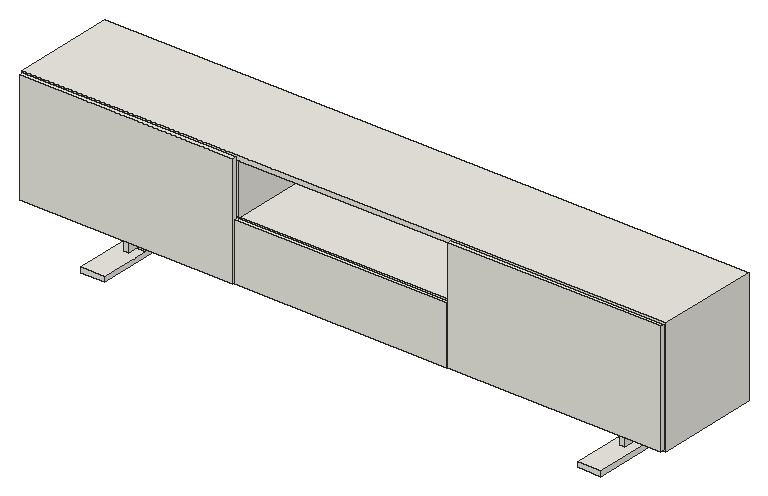
Revit family "Haworth_Luxor_Cabinet_19", category Furniture, Revit 2018
Family settings
  OmniClass Number = 23.40.20.00
  OmniClass Title = General Furniture and Specialties
  Work Plane-Based = No
  Always vertical = Yes
  Cut with Voids When Loaded = No
  Shared = No
  Room Calculation Point = No
Parameters (values of type "HCCE-LX - Door/Open & Drawer/Door - 106w 26h")
  Warranty = "http://www.haworth.com/resources/product-info/warranties"
  Version = "3"  # constant formula
  URL - Product = "https://www.haworth.com/na/en/products/bookcases-credenzas/luxor-1.html"
  URL = "http://www.haworth.com/our-brands/haworth-collection"
  Open/Four Drawers = no
  Size = "Verify Final Dim. w/ Haworth"  # constant formula
  Model = "HCCE-LX"  # constant formula
  Manufacturer = "Haworth"  # constant formula
  Door/Open & Drawer/Door = not([Open/Four Drawers])  # yes
  Description = "Haworth Luxor Cabinet 19"  # constant formula
  Cabinet Finish [instance] = Haworth _ Paint _ Collection White
  Author = "SHAPE Environments, LLC"  # constant formula
  Assembly Code = "E2020200"
Types (3): name | Open/Four Drawers | Door/Open & Drawer/Door
  (no name) | no | yes
  HCCE-LX - Door/Open & Drawer/Door - 106w 26h | no | yes
  HCCE-LX - Open/Four Drawers - 106w 26h | yes | no
Reference planes (in)
  plane 1 "Center Front/Back": y = 0
  plane 2: z = 0
  plane 3 "Center Left/Right": x = 0
  plane 4: y = 17.75
  plane 5: x = -53.125
  plane 6: x = 53.125
  plane 7 "Top": z = 26
  plane 8: z = 7
  plane 9: z = 25.75
  plane 10: z = 7.25
  plane 11: y = 0.59375
  plane 12: x = 52.875
Lines and regions (in)
  Masking region 1
    outline origin (0, 0, 26) x (-1, 0, 0) y (0, -1, 0)
      loop
        line (53.125, -17.70845) -> (53.125, -0.59375) -> (-52.875, -0.59375) -> (-52.875, -17.70845) -> (53.125, -17.70845)
Dimensions and locks (in)
  equal spacing: plane 5, plane 3 "Center Left/Right", plane 6
  plane 5 to plane 6 = 8' - 10 1/4"
  locked: plane 1 "Center Front/Back" to plane 4 at 17.75
  locked: plane 7 "Top" to plane 2 at 26
  locked: plane 7 "Top" to plane 8 at 19
  locked: plane 6 to plane 12 at 0.25
  aligned and locked: level to plane 2
  aligned and locked: nested 2 to plane 5
  aligned and locked: plane 9 to nested 3
  aligned and locked: Masking region 1 sketch curve to nested 2  (x2)
  aligned and locked: Masking region 1 sketch curve to nested 4
  aligned and locked: plane 11 to Masking region 1
  aligned and locked: nested 4 to plane 1 "Center Front/Back"
  aligned and locked: plane 1 "Center Front/Back" to nested 3
  aligned and locked: nested 5 to plane 1 "Center Front/Back"
  aligned and locked: plane 11 to nested 9
  aligned and locked: nested 11 to plane 11
  aligned and locked: plane 11 to nested 8
  aligned and locked: nested 7 to plane 11
  aligned and locked: nested 10 to plane 1 "Center Front/Back"
Automatic sketch dimensions
  Masking region 1 sketch curve to plane 1 "Center Front/Back" = 0' - 0 19/32"
Nested families (in)
  nested 1: "Luxor Base" at (0, 9.08953, 0), Base Finish <- "Cabinet Finish", type "Luxor Base"
    with Legth 6' - 10.58661", Height 0' - 7", Base Finish Haworth _ Paint _ Collection White
  nested 2: "Luxor Cabinet" at (0, 8.91969, -2), Cabinet Finish <- "Cabinet Finish", visible <- "Door/Open & Drawer/Door", type "Three Door"
    with Two Shelf yes, Two Door no, Three Door yes, Overall Height 2' - 4", Legth 8' - 10 1/4", Depth 1' - 5 3/4", Cabinet Height 1' - 7", Cabinet Finish Haworth _ Paint _ Collection White
  nested 3: "Luxor Drawer" at (-35.31504, 0.5906, 7.25), Drawer Finish <- "Cabinet Finish", visible <- "Door/Open & Drawer/Door", type "Luxor Drawer"
    with Width 2' - 11.11991", Height 1' - 6 1/2", Drawer Finish Haworth _ Paint _ Collection White, Depth 0' - 0.5906"
  nested 4: "Luxor Drawer" at (35.31928, 0.5906, 7.25) x (-1, 0, 0) z (0, 0, 1), Drawer Finish <- "Cabinet Finish", visible <- "Door/Open & Drawer/Door", type "Luxor Drawer"
    with Width 2' - 11.11145", Height 1' - 6 1/2", Drawer Finish Haworth _ Paint _ Collection White, Depth 0' - 0.5906"
  nested 5: "Luxor Drawer" at (0, 0.5906, 7.25) x (-1, 0, 0) z (0, 0, 1), Drawer Finish <- "Cabinet Finish", visible <- "Door/Open & Drawer/Door", type "Luxor Drawer"
    with Width 2' - 11.0288", Height 0' - 9 1/2", Drawer Finish Haworth _ Paint _ Collection White, Depth 0' - 0.5906"
  nested 6: "Luxor Cabinet" at (0, 8.91969, -2), Cabinet Finish <- "Cabinet Finish", visible <- "Open/Four Drawers", type "Two Door"
    with Two Shelf yes, Two Door yes, Three Door no, Overall Height 2' - 4", Legth 8' - 10 1/4", Depth 1' - 5 3/4", Cabinet Height 1' - 7", Cabinet Finish Haworth _ Paint _ Collection White
  nested 7: "Luxor Drawer" at (-39.67211, 1.18435, 7.25) x (-1, 0, 0) z (0, 0, 1), Drawer Finish <- "Cabinet Finish", visible <- "Open/Four Drawers", type "Luxor Drawer"
    with Width 2' - 2.40578", Height 0' - 9 1/2", Drawer Finish Haworth _ Paint _ Collection White, Depth 0' - 0.5906"
  nested 8: "Luxor Drawer" at (-13.23461, 1.18435, 7.25), Drawer Finish <- "Cabinet Finish", visible <- "Open/Four Drawers", type "Luxor Drawer"
    with Width 2' - 2.46922", Height 0' - 9 1/2", Drawer Finish Haworth _ Paint _ Collection White, Depth 0' - 0.5906"
  nested 9: "Luxor Drawer" at (39.67211, 1.18435, 7.25), Drawer Finish <- "Cabinet Finish", visible <- "Open/Four Drawers", type "Luxor Drawer"
    with Width 2' - 2.40578", Height 0' - 9 1/2", Drawer Finish Haworth _ Paint _ Collection White, Depth 0' - 0.5906"
  nested 10: "Luxor Drawer" at (13.0625, 0.5906, 7.25) x (-1, 0, 0) z (0, 0, 1), Drawer Finish <- "Cabinet Finish", visible <- "Open/Four Drawers", type "Luxor Drawer"
    with Width 4' - 4 7/8", Height 1' - 6 1/2", Drawer Finish Haworth _ Paint _ Collection White, Depth 0' - 0.5906"
  nested 11: "Luxor Drawer" at (13.23461, 1.18435, 7.25) x (-1, 0, 0) z (0, 0, 1), Drawer Finish <- "Cabinet Finish", visible <- "Open/Four Drawers", type "Luxor Drawer"
    with Width 2' - 2.46922", Height 0' - 9 1/2", Drawer Finish Haworth _ Paint _ Collection White, Depth 0' - 0.5906"
Definition of nested family "Luxor Base"
  Parameters
    Warranty = "http://haworthcollection.com/hc/about-us/certifications-warranties"
    Version = "1"  # constant formula
    URL Product = "http://www.haworthcollection.com/hc/products/desks-storage/luxor"
    URL = "http://haworthcollection.com/"
    Sustainability Info = "http://www.haworth.com/bottom-nav/company-info/sustainability"
    Size = "Verify Final Dim. w/ Haworth"  # constant formula
    Model = "Luxor"  # constant formula
    Manufacturer = "Haworth"  # constant formula
    Legth [instance] = 6' - 10.58661"
    Height [instance] = 1' - 0.4275"
    Base Finish [instance] = none
    Author = "SHAPE Environments, LLC"  # constant formula
    Assembly Code = "E2020200"
  Reference planes (in)
    plane 1 "Center Front/Back": y = 0
    plane 2: z = 0
    plane 3 "Center Left/Right": x = 0
    plane 4: x = -41.29331
    plane 5: x = 41.29331
    plane 6 "Height": z = 12.4275
    plane 7: x = 39.02953
    plane 8: z = 10.4275
    plane 9: z = 0.78291
  Forms (in)
    Extrusion 1, solid, material <- "Base Finish"
      sketch origin (0, 0, 0) x (1, 0, 0) y (0, 1, 0)
        loop
          line (-42.92717, 8.66047) -> (-42.92717, -9.00016) -> (-39.02953, -9.00016) -> (-39.02953, 8.66047) -> (-42.92717, 8.66047)
      from 0 to 0.78291
    Extrusion 2, solid, material <- "Base Finish"
      sketch origin (0, 0, 0) x (-1, 0, 0) y (0, -1, 0)
        loop
          line (-42.92717, -8.66047) -> (-39.02953, -8.66047) -> (-39.02953, 9.00016) -> (-42.92717, 9.00016) -> (-42.92717, -8.66047)
      from 0 to 0.78291
    Extrusion 3, solid, material <- "Base Finish"
      sketch origin (0, 0, 0) x (1, 0, 0) y (0, 1, 0)
        loop
          line (-41.29331, 1.72012) -> (-41.29331, -2.13835) -> (-40.54331, -2.13835) -> (-40.54331, -0.54386) -> (-39.02953, -0.54386) -> (-39.02953, 0.21608) -> (-40.54331, 0.21608) -> (-40.54331, 1.72012) -> (-41.29331, 1.72012)
      from 0.74009 to 12.4275
    Extrusion 4, solid, material <- "Base Finish"
      sketch origin (0, 0, 0) x (-1, 0, 0) y (0, -1, 0)
        loop
          line (-41.29331, -1.72012) -> (-40.54331, -1.72012) -> (-40.54331, -0.21608) -> (-39.02953, -0.21608) -> (-39.02953, 0.54386) -> (-40.54331, 0.54386) -> (-40.54331, 2.13835) -> (-41.29331, 2.13835) -> (-41.29331, -1.72012)
      from 0.78291 to 12.4275
    Extrusion 5, solid, material <- "Base Finish"
      sketch origin (0, 0, 0) x (1, 0, 0) y (0, 1, 0)
        loop
          line (39.02953, 0.21608) -> (-39.02953, 0.21608) -> (-39.02953, -0.54386) -> (39.02953, -0.54386) -> (39.02953, 0.21608)
      from 10.4275 to 12.4275
  Cuts and joins
    joined: Extrusion 1, Extrusion 2, Extrusion 3, Extrusion 4, Extrusion 5
  Dimensions and locks (in)
    equal spacing: plane 5, plane 3 "Center Left/Right", plane 4
    "Legth": plane 5 to plane 4
    locked: Extrusion 1 to plane 4 at 1.63386
    locked: plane 5 to Extrusion 2 at 1.63386
    locked: Extrusion 2 to Extrusion 2 at 3.89764
    locked: Extrusion 1 to Extrusion 1 at 3.89764
    locked: plane 6 "Height" to plane 8 at 2
    "Height": plane 6 "Height" to plane 2
    aligned and locked: level to plane 2
    aligned and locked: Extrusion 3 sketch curve to plane 4
    aligned and locked: Extrusion 3 sketch curve to Extrusion 1
    aligned and locked: Extrusion 4 to plane 5
    aligned and locked: plane 6 "Height" to Extrusion 3
    aligned and locked: plane 6 "Height" to Extrusion 4
    aligned and locked: Extrusion 5 sketch curve to Extrusion 4
    aligned and locked: Extrusion 5 sketch curve to Extrusion 3
    aligned and locked: Extrusion 5 to Extrusion 3
    aligned and locked: plane 6 "Height" to cut or joined group of Extrusion 1, Extrusion 2, Extrusion 3, Extrusion 4, Extrusion 5
    aligned and locked: cut or joined group of Extrusion 1, Extrusion 2, Extrusion 3, Extrusion 4, Extrusion 5 to plane 6 "Height"  (x3)
    aligned and locked: plane 8 to cut or joined group of Extrusion 1, Extrusion 2, Extrusion 3, Extrusion 4, Extrusion 5
    aligned and locked: cut or joined group of Extrusion 1, Extrusion 2, Extrusion 3, Extrusion 4, Extrusion 5 to level  (x2)
    aligned and locked: plane 9 to cut or joined group of Extrusion 1, Extrusion 2, Extrusion 3, Extrusion 4, Extrusion 5  (x2)
  Automatic sketch dimensions
    Extrusion 1 sketch curve to plane 4 = 0' - 1.63386"
    plane 1 "Center Front/Back" to Extrusion 1 sketch curve = 0' - 9.00016"
    plane 4 to Extrusion 1 sketch curve = 0' - 2.26378"
    Extrusion 1 sketch curve to plane 1 "Center Front/Back" = 0' - 8.66047"
    plane 5 to Extrusion 2 sketch curve = 0' - 1.63386"
    Extrusion 2 sketch curve to plane 1 "Center Front/Back" = 0' - 9.00016"
    Extrusion 2 sketch curve to plane 5 = 0' - 2.26378"
    plane 1 "Center Front/Back" to Extrusion 2 sketch curve = 0' - 8.66047"
    plane 4 to Extrusion 3 sketch curve = 0' - 0 3/4"  (x2)
    plane 1 "Center Front/Back" to Extrusion 3 sketch curve = 0' - 2.13835"
    plane 1 "Center Front/Back" to Extrusion 3 sketch curve = 0' - 0.54386"
    Extrusion 3 sketch curve to plane 1 "Center Front/Back" = 0' - 0.21608"
    Extrusion 3 sketch curve to Extrusion 3 sketch curve = 0' - 1.50404"
    Extrusion 4 sketch curve to plane 5 = 0' - 0"
    Extrusion 4 sketch curve to plane 1 "Center Front/Back" = 0' - 2.13835"
    Extrusion 4 sketch curve to plane 5 = 0' - 0 3/4"  (x2)
    plane 1 "Center Front/Back" to Extrusion 4 sketch curve = 0' - 0.21608"
    Extrusion 4 sketch curve to Extrusion 4 sketch curve = 0' - 1.51378"
    Extrusion 4 sketch curve to plane 1 "Center Front/Back" = 0' - 0.54386"
    Extrusion 4 sketch curve to Extrusion 4 sketch curve = 0' - 1.50404"
    plane 1 "Center Front/Back" to Extrusion 5 sketch curve = 0' - 0.54386"
    Extrusion 5 sketch curve to plane 1 "Center Front/Back" = 0' - 0.21608"
Definition of nested family "Luxor Cabinet"
  Parameters
    Warranty = "http://haworthcollection.com/hc/about-us/certifications-warranties"
    Version = "1"  # constant formula
    URL Product = "http://www.haworthcollection.com/hc/products/desks-storage/luxor"
    URL = "http://haworthcollection.com/"
    Two Shelf [instance] = yes
    Two Door [instance] = yes
    Three Door [instance] = no
    Sustainability Info = "http://www.haworth.com/bottom-nav/company-info/sustainability"
    Size = "Verify Final Dim. w/ Haworth"  # constant formula
    Overall Height [instance] = 2' - 4"
    Model = "Luxor"  # constant formula
    Manufacturer = "Haworth"  # constant formula
    Legth [instance] = 5' - 10 3/4"
    Depth [instance] = 1' - 5 3/4"
    Cabinet Height [instance] = 2' - 4"
    Cabinet Finish [instance] = none
    Author = "SHAPE Environments, LLC"  # constant formula
    Assembly Code = "E2020200"
  Reference planes (in)
    plane 1: z = 0
    plane 2 "Center Left/Right": x = 0
    plane 3: z = 28
    plane 4: x = -35.375
    plane 5: x = 35.375
    plane 6: y = 8.78877
    plane 7: y = -8.2031
    plane 8: z = 0
    plane 9: z = 14
    plane 10: x = -11.79167
    plane 11: x = 11.79167
  Forms (in)
    Extrusion 1, solid, material <- "Cabinet Finish"
      sketch origin (0, 0, 0) x (1, 0, 0) y (0, 0, 1)
        loop
          line (-35.375, 28) -> (-35.375, 0) -> (35.375, 0) -> (35.375, 28) -> (-35.375, 28)
        loop
          line (-34.625, 0.75) -> (34.625, 0.75) -> (34.625, 27.25) -> (-34.625, 27.25) -> (-34.625, 0.75)
      from -8.78877 to 8.21155
    Extrusion 2, solid, material <- "Cabinet Finish", visible <- "Two Door"
      sketch origin (0, 0, 0) x (1, 0, 0) y (0, 0, 1)
        loop
          line (-0.375, 27.25) -> (-0.375, 0.75) -> (0.375, 0.75) -> (0.375, 27.25) -> (-0.375, 27.25)
      from -7.69454 to 8.21029
    Extrusion 3, solid, material <- "Cabinet Finish"
      sketch origin (0, 0, 0) x (1, 0, 0) y (0, 1, 0)
        loop
          line (-34.625, 8.78877) -> (-34.625, 8.03877) -> (34.625, 8.03877) -> (34.625, 8.78877) -> (-34.625, 8.78877)
      from 0.75 to 27.25
    Extrusion 4, solid, material <- "Cabinet Finish", visible <- "Three Door"
      sketch origin (-26.75, 0, 0) x (1, 0, 0) y (0, 0, 1)
        loop
          line (14.58333, 27.25) -> (14.58333, 0.75) -> (15.33333, 0.75) -> (15.33333, 27.25) -> (14.58333, 27.25)
      from -7.69454 to 8.21029
    Extrusion 5, solid, material <- "Cabinet Finish", visible <- "Three Door"
      sketch origin (26.75, 0, 0) x (-1, 0, 0) y (0, 0, -1)
        loop
          line (14.58333, -27.25) -> (15.33333, -27.25) -> (15.33333, -0.75) -> (14.58333, -0.75) -> (14.58333, -27.25)
      from -7.69454 to 8.21029
    Extrusion 6, solid, material <- "Cabinet Finish"
      sketch origin (0, 0, 0.5625) x (1, 0, 0) y (0, 0, 1)
        loop
          line (-34.625, 13.8125) -> (-34.625, 13.0625) -> (34.625, 13.0625) -> (34.625, 13.8125) -> (-34.625, 13.8125)
      from -8.03877 to 8.21155
  Cuts and joins
    joined: Extrusion 1, Extrusion 3
  Dimensions and locks (in)
    "Overall Height": plane 3 to level
    "Cabinet Height": plane 3 to plane 8
    equal spacing: plane 4, plane 2 "Center Left/Right", plane 5
    "Legth": plane 4 to plane 5
    plane 6 to plane 7 = 1' - 4.99183"
    equal spacing: plane 3, plane 9, cut or joined group of Extrusion 1, Extrusion 3
    equal spacing: Extrusion 6, plane 9, Extrusion 6, locked at 0.375 each
    locked: cut or joined group of Extrusion 1, Extrusion 3 to cut or joined group of Extrusion 1, Extrusion 3 at 0.75
    equal spacing: Extrusion 2, plane 2 "Center Left/Right", Extrusion 2, locked at 0.375 each
    equal spacing: Extrusion 4, plane 10, Extrusion 4
    equal spacing: Extrusion 5, plane 11, Extrusion 5, locked at 0.375 each
    equal spacing: plane 4, plane 10, plane 11, plane 5
    aligned and locked: level to plane 1
    aligned and locked: Extrusion 1 sketch curve to plane 3
    aligned and locked: Extrusion 1 sketch curve to plane 4
    aligned and locked: plane 8 to Extrusion 1 sketch curve
    aligned and locked: Extrusion 1 sketch curve to plane 5
    aligned and locked: plane 6 to Extrusion 1
    aligned and locked: Extrusion 3 to Extrusion 1
    aligned and locked: Extrusion 6 to cut or joined group of Extrusion 1, Extrusion 3
    aligned and locked: cut or joined group of Extrusion 1, Extrusion 3 to Extrusion 6
    aligned and locked: Extrusion 1 sketch curve to Extrusion 4
  Automatic sketch dimensions
    Extrusion 2 sketch curve to plane 2 "Center Left/Right" = 0' - 0 3/8"
    plane 8 to Extrusion 2 sketch curve = 0' - 0 3/4"
    plane 2 "Center Left/Right" to Extrusion 2 sketch curve = 0' - 0 3/8"
    Extrusion 2 sketch curve to plane 3 = 0' - 0 3/4"
    Extrusion 3 sketch curve to plane 6 = 0' - 0"
    Extrusion 3 sketch curve to plane 4 = 0' - 0 3/4"
    Extrusion 3 sketch curve to plane 6 = 0' - 0 3/4"
    Extrusion 3 sketch curve to plane 5 = 0' - 0 3/4"
    plane 8 to Extrusion 4 sketch curve = 0' - 0 3/4"
    Extrusion 4 sketch curve to plane 4 = 1' - 11.20833"
    Extrusion 4 sketch curve to plane 3 = 0' - 0 3/4"
    Extrusion 4 sketch curve to Extrusion 4 sketch curve = 0' - 0 3/4"
    plane 8 to Extrusion 5 sketch curve = 0' - 0 3/4"
    Extrusion 5 sketch curve to plane 5 = 1' - 11.20833"
    Extrusion 5 sketch curve to plane 3 = 0' - 0 3/4"
    Extrusion 5 sketch curve to Extrusion 5 sketch curve = 0' - 0 3/4"
    Extrusion 6 sketch curve to plane 4 = 0' - 0 3/4"
    plane 8 to Extrusion 6 sketch curve = 1' - 1 5/8"
    Extrusion 6 sketch curve to plane 5 = 0' - 0 3/4"
    Extrusion 6 sketch curve to Extrusion 6 sketch curve = 0' - 0 3/4"
    Extrusion 1 sketch curve to plane 4 = 0' - 0 3/4"
    level to Extrusion 1 sketch curve = 0' - 0 3/4"
    Extrusion 1 sketch curve to plane 5 = 0' - 0 3/4"
Definition of nested family "Luxor Drawer"
  Parameters
    Width [instance] = 2' - 11.3606"
    Drawer Finish [instance] = none
    Depth [instance] = 0' - 0.5906"
    Height [instance] = 0' - 4.1999"
  Reference planes (in)
    plane 1 "Center Front/Back": y = 0
    plane 2 "start": z = 0
    plane 3 "Center Left/Right": x = 0
    plane 4: x = -17.6803
    plane 5: x = 17.6803
    plane 6: y = -0.5906
    plane 7 "Top": z = 4.1999
  Forms (in)
    Extrusion 1, solid, material <- "Drawer Finish"
      sketch origin (0, 0, 0) x (1, 0, 0) y (0, 1, 0)
        loop
          line (-17.6803, 0) -> (-17.6803, -0.5906) -> (17.6803, -0.5906) -> (17.6803, 0) -> (-17.6803, 0)
      from 0 to 4.1999
  Lines and regions (in)
    Masking region 1
      outline origin (0, 0, 4.1999) x (-1, 0, 0) y (0, -1, 0)
        loop
          line (17.6803, 0) -> (17.6803, 0.5906) -> (-17.6803, 0.5906) -> (-17.6803, 0) -> (17.6803, 0)
  Dimensions and locks (in)
    equal spacing: plane 4, plane 3 "Center Left/Right", plane 5, locked at 17.6803 each
    plane 1 "Center Front/Back" to plane 6 = 0' - 0.5906"
    "Width": plane 4 to plane 5
    "Height": plane 7 "Top" to level
    "Depth": plane 1 "Center Front/Back" to plane 6
    aligned and locked: level to plane 2 "start"
    aligned and locked: plane 7 "Top" to Extrusion 1
    aligned and locked: Extrusion 1 to plane 6  (x2)
    aligned and locked: Extrusion 1 to plane 4
    aligned and locked: plane 5 to Extrusion 1
    aligned and locked: Extrusion 1 to plane 1 "Center Front/Back"
    aligned and locked: plane 5 to Masking region 1 sketch curve
    aligned and locked: plane 6 to Masking region 1 sketch curve
    aligned and locked: plane 1 "Center Front/Back" to Masking region 1 sketch curve
    aligned and locked: plane 4 to Masking region 1 sketch curve
  Automatic sketch dimensions
    Extrusion 1 sketch curve to plane 4 = 0' - 0"
    Extrusion 1 sketch curve to plane 5 = 0' - 0"
    Extrusion 1 sketch curve to plane 6 = 0' - 0"
    plane 1 "Center Front/Back" to Extrusion 1 sketch curve = 0' - 0"
